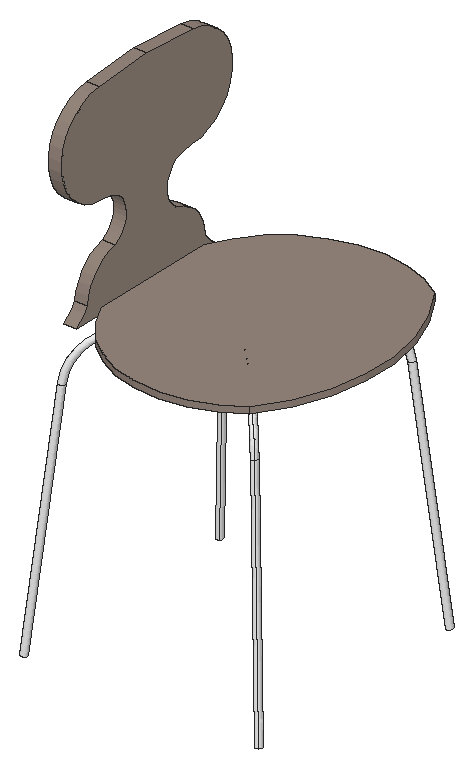
Revit family "Chair 3", category Furniture, Revit 2025
Family settings
  Work Plane-Based = No
  Enable Cutting in Views = No
  Always vertical = Yes
  Cut with Voids When Loaded = No
  Render Appearance Source = Family Geometry
  Shared = No
  Room Calculation Point = No
Parameters
  __Temp [instance] = 0 mm
  Keynote = "12600"
  Manufacturer = ""
  Default Elevation = 0 mm
  Bracket Material = Herman Miller - Finish 47 Trivalent Chrome
  Model = ""
  Cushion/Chair Back Material = Herman Miller - Veneer Z5 Maple
  BG_DIM_Width2 [instance] = 0 mm
  BG_DIM_Depth1 [instance] = 0 mm
Reference planes
  plane 1 "Center F/B": y = -198.997
  plane 2: z = 0
  plane 3 "Center L/R": x = -1.022
Forms (mm)
  Sweep 1, solid, material "Herman Miller - Finish 47 Trivalent Chrome" <- "Bracket Material"
    path origin (61.052, -65.204, 45) x (0, 0, -1) y (0.707107, -0.707107, 0)
      loop
        line (45, -82.843) -> (-332.364, -36.508)
        arc (-332.364, -36.508) -> (-382.531, -10.114) -> (-402.615, 42.895) r 80
        line (-402.615, 42.895) -> (-402.615, 181.322)
    profile origin (18.855, -23.007, 188.682) x (-0.701836, 0.701836, 0.121869) y (-0.707107, -0.707107, 0)
      loop
        circle (0, 0) r 5
  Sweep 2, solid, material "Herman Miller - Finish 47 Trivalent Chrome" <- "Bracket Material"
    path origin (57.516, -325.168, 45) x (0, 0, -1) y (0.707107, 0.707107, 0)
      loop
        line (45, -82.843) -> (-332.364, -36.508)
        arc (-332.364, -36.508) -> (-382.531, -10.114) -> (-402.615, 42.895) r 80
        line (-402.615, 42.895) -> (-402.615, 181.322)
    profile origin (15.319, -367.364, 188.682) x (-0.701836, -0.701836, 0.121869) y (0.707107, -0.707107, 0)
      loop
        circle (0, 0) r 5
  Sweep 3, solid, material "Herman Miller - Finish 47 Trivalent Chrome" <- "Bracket Material"
    path origin (303.338, -65.204, 45) x (0, 0, -1) y (0.707107, 0.707107, 0)
      loop
        line (45, 82.843) -> (-332.364, 36.508)
        arc (-332.364, 36.508) -> (-382.531, 10.114) -> (-402.615, -42.895) r 80
        line (-402.615, -42.895) -> (-402.615, -181.322)
    profile origin (345.535, -23.007, 188.682) x (0.701836, 0.701836, 0.121869) y (-0.707107, 0.707107, 0)
      loop
        circle (0, 0) r 5
  Sweep 4, solid, material "Herman Miller - Finish 47 Trivalent Chrome" <- "Bracket Material"
    path origin (306.873, -325.168, 45) x (0, 0, -1) y (0.707107, -0.707107, 0)
      loop
        line (45, 82.843) -> (-332.364, 36.508)
        arc (-332.364, 36.508) -> (-382.531, 10.114) -> (-402.615, -42.895) r 80
        line (-402.615, -42.895) -> (-402.615, -181.322)
    profile origin (349.07, -367.364, 188.682) x (0.701836, -0.701836, 0.121869) y (0.707107, 0.707107, 0)
      loop
        circle (0, 0) r 5
  Extrusion 5, solid, material "Herman Miller - Veneer Z5 Maple" <- "Cushion/Chair Back Material"
    sketch origin (0, 0, 0) x (1, 0, 0) y (0, 1, 0)
      loop
        arc (340, -9.099) -> (152.776, 17.913) -> (32.728, -128.274) r 192.616
        line (32.728, -128.274) -> (32.728, -249.923)
        arc (32.728, -249.923) -> (152.776, -396.11) -> (340, -369.099) r 192.616
        arc (340, -369.099) -> (400.673, -189.099) -> (340, -9.099) r 297.34
    from 450 to 460
  Extrusion 6, solid, material "Herman Miller - Veneer Z5 Maple" <- "Cushion/Chair Back Material"
    sketch origin (390, -409.099, -27.081) x (0, 0, -1) y (0, 1, 0)
      loop
        arc (-498.809, 95.839) -> (-486.21, 86.065) -> (-477.081, 72.99) r 53.087
        line (-477.081, 72.99) -> (-477.081, 347.212)
        arc (-477.081, 347.212) -> (-486.21, 334.138) -> (-498.809, 324.364) r 53.087
        arc (-498.809, 324.364) -> (-539.073, 308.301) -> (-561.143, 270.989) r 67.175
        arc (-561.143, 270.989) -> (-601.737, 249.17) -> (-634.197, 281.887) r 38.521
        line (-634.197, 281.887) -> (-636.604, 298.938)
        arc (-636.604, 298.938) -> (-714.694, 376.726) -> (-796.127, 302.444) r 79.872
        line (-796.127, 302.444) -> (-802.584, 210.101) -> (-796.127, 117.759)
        arc (-796.127, 117.759) -> (-714.694, 43.477) -> (-636.604, 121.265) r 79.872
        line (-636.604, 121.265) -> (-634.197, 138.316)
        arc (-634.197, 138.316) -> (-601.737, 171.033) -> (-561.143, 149.213) r 38.521
        arc (-561.143, 149.213) -> (-539.073, 111.901) -> (-498.809, 95.839) r 67.175
    from -367.272 to -347.272
Dimensions and locks
  aligned and locked: plane 1 "Center F/B" to Extrusion 6
